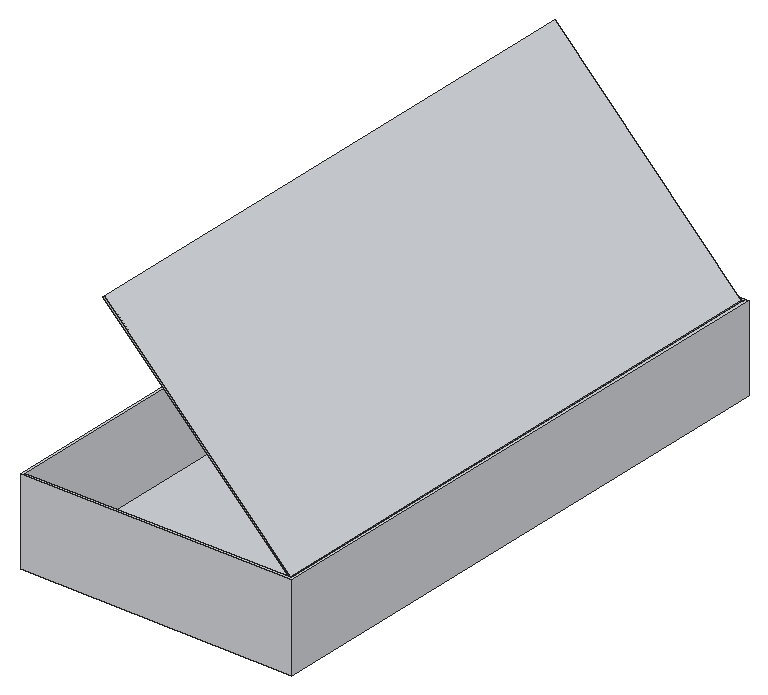
Revit family "Hager-Volta-IP30-Surface_mounted-pusty-PL-pl", category Electrical Equipment, host Face, Revit 2020
Family settings
  Host = Face
  Panel Configuration = Two Columns, Circuits Across
  Round Connector Dimension = Use Diameter
  Part Type = Panelboard
  Cut with Voids When Loaded = No
  Shared = No
  Room Calculation Point = No
Parameters (values of type "Montaż natynkowy IP30 S305 W640 G96.5 12 Jednostki dywizyjne - VA48NWP")
  Width Control [instance] = if([HG000006 - Montaż podtynkowy], if([EF000846 - Szerokość wbudowania] > min_whd, [EF000846 - Szerokość wbudowania], min_whd), if([EF000008 - Szerokość] > min_whd, ([EF000008 - Szerokość]), min_whd))  # 305 mm
  Void Depth [instance] = if([HG000006 - Montaż podtynkowy], Depth Control, 1 mm)  # 1 mm
  Type Comments = [HG000003 - Zakres]  # "Volta"
  System Height [instance] = Height Control - 2 * [HG000005 - Grubość]  # 634 mm
  Model = [HG000004 - Referencja producenta]  # "VA48NWP"
  HG000017 - Odległość między biegunami = 18 mm
  HG000016 - Widoczność drzwi w widoku 3D [instance] = yes
  HG000015 - Przestrzeń robocza - otwarcie drzwi [instance] = no
  HG000014 - Drzwi prawe [instance] = yes
  HG000013 - Drzwi lewe [instance] = not([HG000014 - Drzwi prawe])  # no
  HG000012 - Kąt otwarcia drzwi [instance] = 45.00°
  HG000011 - Puste rzędy od dołu = no
  HG000010 - Drzwi asymetryczne = no
  HG000009 - Drzwi dwuskrzydłowe = no
  HG000008 - Liczba pustych rzędów = 0
  HG000007 - Liczba pustych kolumn = 0
  HG000006 - Montaż podtynkowy = no
  HG000005 - Grubość = 3 mm  # constant formula
  HG000004 - Referencja producenta = "VA48NWP"
  HG000003 - Zakres = "Volta"
  HG000002 - Z drzwiami lub pokrywą = yes
  HG000001 - Liczba kolumn = 0
  EF015941 - Drzwi przepuszczające sygnał = no
  EF015777 - Listwa zaciskowa przewodu neutralnego = no
  EF015776 - Listwa zaciskowa uziemienia = no
  EF009212 - Wykonanie pokrywy = ""
  EF006306 - Z zamkiem = no
  EF006244 - Transparentna pokrywa/drzwi = no
  EF005474 - Stopień ochrony (IP) = "EV006410 - IP30"
  EF004462 - Rodzaj zamknięcia = ""
  EF002950 - Szerokość wyrażona liczbą modułów = 12
  EF001596 - Materiał obudowy = ""
  EF001134 - Szyna DIN = no
  EF001131 - Głębokość wewnętrzna = 0 mm
  EF001088 - Możliwość rozbudowy = no
  EF001062 - Wykonane zgodnie z Dyrektywą Kompatybilności Elektromagnetycznej EMC = no
  EF000846 - Szerokość wbudowania = 0 mm
  EF000339 - Rodzaj pokrywy = ""
  EF000332 - Wysokość wbudowania = 0 mm
  EF000266 - Liczba rzędów = 0
  EF000218 - Głębokość wbudowania = 0 mm
  EF000118 - Z płytą montażową = yes
  EF000116 - Numer RAL = "9010"
  EF000049 - Głębokość = 96 mm
  EF000040 - Wysokość = 640 mm
  EF000008 - Szerokość = 305 mm
  EF000007 - Kolor = ""
  EF000003 - Sposób montażu = "EV000384 - Montaż natynkowy"
  Arrow Offset [instance] = Depth Control / 8  # 12 mm
  Arrow Height [instance] = Depth Control - Arrow Offset  # 84 mm
  Host Offset [instance] = if([HG000006 - Montaż podtynkowy], 0 mm, [EF000049 - Głębokość])  # 96 mm
  min_whd [instance] = (2 * [HG000005 - Grubość]) + 1 mm  # 7 mm
  Manufacturer = "Hager"  # constant formula
  Height Control [instance] = if([HG000006 - Montaż podtynkowy], if([EF000332 - Wysokość wbudowania] > min_whd, [EF000332 - Wysokość wbudowania], min_whd), if([EF000040 - Wysokość] > min_whd, ([EF000040 - Wysokość]), min_whd))  # 640 mm
  Flush Mounted - Door Frame Width [instance] = if(([EF000040 - Wysokość] - [EF000332 - Wysokość wbudowania]) > 0 mm, if([HG000006 - Montaż podtynkowy], [EF000040 - Wysokość] - [EF000332 - Wysokość wbudowania], 0 mm), 0 mm)  # 0 mm
  Depth Control [instance] = if([HG000006 - Montaż podtynkowy], if([EF000218 - Głębokość wbudowania] > 0 mm, [EF000218 - Głębokość wbudowania], 1 mm), if([EF000049 - Głębokość] > 0 mm, ([EF000049 - Głębokość]), 1 mm))  # 96 mm
  Default Elevation = 0 mm
Types (4, lengths in mm): name | System Height | Model | HG000004 - Referencja producenta | EF009212 - Wykonanie pokrywy | EF004462 - Rodzaj zamknięcia | EF001596 - Materiał obudowy | EF001134 - Szyna DIN | EF001131 - Głębokość wewnętrzna | EF001088 - Możliwość rozbudowy | EF000339 - Rodzaj pokrywy | EF000266 - Liczba rzędów | EF000040 - Wysokość | EF000007 - Kolor | Height Control
  Montaż natynkowy IP30 S305 W515 G96.5 12 Jednostki dywizyjne - VA36NWB | 509 | "VA36NWB" | "VA36NWB" | "EV009916 - Z otworem" | "EV000154 - Inne" | "" | no | 0 | yes | "EV004216 - Drzwi" | 0 | 515 | "" | 515
  Montaż natynkowy IP30 S305 W515 G96.5 12 Jednostki dywizyjne - VA36NWP | 509 | "VA36NWP" | "VA36NWP" | "EV009916 - Z otworem" | "EV000154 - Inne" | "EV000154 - Inne" | yes | 92 | yes | "EV004216 - Drzwi" | 3 | 515 | "EV000202 - Biały" | 515
  Montaż natynkowy IP30 S305 W640 G96.5 12 Jednostki dywizyjne - VA48NWB | 634 | "VA48NWB" | "VA48NWB" | "EV009916 - Z otworem" | "EV000154 - Inne" | "" | no | 0 | yes | "EV004216 - Drzwi" | 0 | 640 | "" | 640
  Montaż natynkowy IP30 S305 W640 G96.5 12 Jednostki dywizyjne - VA48NWP | 634 | "VA48NWP" | "VA48NWP" | "" | "" | "" | no | 0 | no | "" | 0 | 640 | "" | 640
Reference planes
  plane 1 "Center (Front/Back)": y = 0
  plane 2: z = 0
  plane 3 "Center (Left/Right)": x = 0
  plane 4: z = 96
  plane 5: y = 3
  plane 6: z = 91
  plane 7: y = 320
  plane 8: y = 0
  plane 9: y = 640
  plane 10: z = 0
  plane 11: x = -152.5
  plane 12: x = 152.5
  plane 13: x = 149.5
  plane 14: x = -149.5
  plane 15: y = 637
  plane 16: z = 3
  plane 17: z = 93
  plane 18: z = -1
  plane 19: z = 93
Forms (mm)
  Extrusion 1, solid
    sketch origin (-583.045, 0, 1219.2) x (-1, 0, 0) y (0, 0, 1)
      loop
        line (-430.545, -1123.2) -> (-735.545, -1123.2) -> (-735.545, -1219.2) -> (-430.545, -1219.2) -> (-430.545, -1123.2)
    from 0 to 640 <- "Height Control"
  Extrusion 2, void
    sketch origin (-381.607, -4572, 96) x (0, -1, 0) y (-1, 0, 0)
      loop
        line (-5209, -232.107) -> (-5209, -531.107) -> (-4575, -531.107) -> (-4575, -232.107) -> (-5209, -232.107)
    from 0 to 93
  Extrusion 3, void
    sketch origin (0, 0, 0) x (1, 0, 0) y (0, 1, 0)
      loop
        line (-152.5, 0) -> (152.5, 0) -> (152.5, 640) -> (-152.5, 640) -> (-152.5, 0)
    from -1 to 1
  Extrusion 4, solid, detail levels coarse+medium
    sketch origin (-381.607, -4572, 96) x (-1, 0, 0) y (0, -1, 0)
      loop
        line (-232.107, -5209) -> (-232.107, -4575) -> (-531.107, -4575) -> (-531.107, -5209) -> (-232.107, -5209)
    from 0 to -3
Cuts and joins
  Extrusion 2 cuts Extrusion 1
Dimensions and locks
  plane 4 to plane 6 = 5 mm
  "Host Offset": plane 4 to host face
  "Flush Mounted - Door Frame Width": plane 1 "Center (Front/Back)" to plane 8
  "HG000005 - Grubość": plane 5 to plane 8
  locked: connector elem to plane 3 "Center (Left/Right)"
  "Height Control": plane 9 to plane 8
  equal spacing: plane 9, plane 7, plane 8
  locked: connector elem to plane 7
  "Depth Control": plane 4 to plane 10
  "HG000005 - Grubość": plane 11 to plane 14
  "HG000005 - Grubość": plane 12 to plane 13
  equal spacing: plane 11, plane 3 "Center (Left/Right)", plane 12
  "Width Control": plane 11 to plane 12
  "Arrow Offset": nested 4 to plane 10
  "HG000005 - Grubość": plane 9 to plane 15
  "HG000005 - Grubość": plane 16 to plane 10
  "HG000005 - Grubość": plane 4 to plane 17
  "Void Depth": plane 2 to plane 18
  "HG000005 - Grubość": plane 4 to plane 19
  aligned and locked: plane 2 to host face
  aligned and locked: level to host face
  aligned and locked: plane 3 "Center (Left/Right)" to nested 2
  aligned and locked: plane 4 to nested 2
  aligned and locked: nested 2 to plane 8
  aligned and locked: nested 1 to plane 6
  aligned and locked: plane 5 to nested 1
  aligned and locked: nested 4 to plane 11
  aligned and locked: nested 3 to plane 4
  aligned and locked: Extrusion 1 sketch curve to plane 12
  aligned and locked: Extrusion 1 sketch curve to plane 11
  aligned and locked: nested 3 to plane 10
  aligned and locked: plane 10 to Extrusion 1 sketch curve
  aligned and locked: plane 5 to Extrusion 2 sketch curve
  aligned and locked: Extrusion 2 sketch curve to plane 15
  aligned and locked: Extrusion 2 sketch curve to plane 14
  aligned and locked: Extrusion 2 sketch curve to plane 13
  aligned and locked: plane 11 to Extrusion 3 sketch curve
  aligned and locked: plane 9 to Extrusion 3 sketch curve
  aligned and locked: Extrusion 3 sketch curve to plane 8
  aligned and locked: plane 12 to Extrusion 3 sketch curve
  aligned and locked: nested 3 to plane 12
  aligned and locked: Extrusion 3 to plane 18
  aligned and locked: Extrusion 2 to plane 16
  aligned and locked: Extrusion 1 sketch curve to plane 4
  aligned and locked: Extrusion 4 to plane 17
  aligned and locked: Extrusion 4 sketch curve to plane 15
  aligned and locked: Extrusion 4 sketch curve to plane 13
  aligned and locked: Extrusion 4 sketch curve to plane 14
  aligned and locked: plane 5 to Extrusion 4 sketch curve
Automatic sketch dimensions
  host sketch curve to host sketch curve = 1469.727 mm
  host sketch curve to host sketch curve = 1434.803 mm
Nested families
  nested 1: "Hager_Enclosure_System" at (0, 3, 91) x (1, 0, 0) z (0, 1, 0), Depth <- "HG000005 - Grubość", Height <- "System Height", Width <- "EF000008 - Szerokość", Border <- "HG000005 - Grubość", Flush_Mounted <- "HG000006 - Montaż podtynkowy", Built-in_Width <- "EF000846 - Szerokość wbudowania", Row_Module_Multiplicator <- "EF002950 - Szerokość wyrażona liczbą modułów", Total_No_Empty_Rows <- "HG000008 - Liczba pustych rzędów", Total_No_Rows <- "EF000266 - Liczba rzędów", Empty_Columns <- "HG000007 - Liczba pustych kolumn", Width_Control <- "Width Control", Empty_Rows_From_Bottom <- "HG000011 - Puste rzędy od dołu", Distance_Between_Poles <- "HG000017 - Odległość między biegunami", Rows_Count <- "EF000266 - Liczba rzędów", Columns_Count <- "HG000001 - Liczba kolumn", type "Hager_Enclosure_System", detail levels fine
    with Width_Control 305 mm, Width 305 mm, Total_No_Rows 0, Total_No_Empty_Rows 0, Total_No_Columns 1, System_Width 299 mm, Rows_Count 0, Rows_Column 0, Row_Module_Multiplicator 12, Panel_4 no, Panel_3 no, Panel_2 no, Panel_1 no, No_Panels_Ctrl 1, Hide_Columns yes, Height 634 mm, Flush_Mounted no, Empty_Rows_From_Bottom no, Empty_Rows_Column 0, Empty_Columns 0, Distance_Between_Poles 18 mm, Depth 3 mm, Columns_Count 0, Column_Width 299 mm, Built-in_Width 0 mm, Border 3 mm
  nested 2: "Hager_Enclosure_Door" at (0, 0, 96) x (1, 0, 0) z (0, 1, 0), Border <- "HG000005 - Grubość", Door_Right <- "HG000014 - Drzwi prawe", Flush_Mounted <- "HG000006 - Montaż podtynkowy", Depth <- "EF000049 - Głębokość", Width <- "EF000008 - Szerokość", Door_Left <- "HG000013 - Drzwi lewe", 3d_Door <- "HG000016 - Widoczność drzwi w widoku 3D", BuiltIn_Width <- "EF000846 - Szerokość wbudowania", BuiltIn_Height <- "EF000332 - Wysokość wbudowania", BuiltIn_Depth <- "EF000218 - Głębokość wbudowania", Angle <- "HG000012 - Kąt otwarcia drzwi", Assymetrical <- "HG000010 - Drzwi asymetryczne", Double <- "HG000009 - Drzwi dwuskrzydłowe", Clearance <- "HG000015 - Przestrzeń robocza - otwarcie drzwi", Transparent <- "EF006244 - Transparentna pokrywa/drzwi", Door <- "HG000002 - Z drzwiami lub pokrywą", Height_Ctrl <- "Height Control", Width_Ctrl <- "Width Control", Height <- "EF000040 - Wysokość", type "Hager_Enclosure_Door", detail levels medium+fine
    with min_wh 7 mm, Width_Ctrl 305 mm, Width 305 mm, Transparent_Door_No_Bottom_Border no, Transparent no, Leaf_Width 296 mm, Leaf_Tolerance 1.5 mm, Leaf_Height 631 mm, Leaf_2_Width 296 mm, Leaf_2_Offset 148 mm, Leaf_1_Width 296 mm, Leaf_1_Offset 148 mm, Height_Ctrl 640 mm, Height 640 mm, Frame_Width_Ctrl 305 mm, Frame_Width 305 mm, Frame_Internal_Offset 0 mm, Frame_Height_Ctrl 640 mm, Frame_Height 640 mm, Frame_Depth_Ctrl 1 mm, Frame_Depth 0 mm, Flush_Mounted no, Double_Clearance_Ctrl no, Double no, Door_Right_Ctrl yes, Door_Right yes, Door_Left_Ctrl no, Door_Left no, Door yes, Depth 96 mm, Clearance_Depth 296 mm, Clearance_Ctrl no, Clearance no, BuiltIn_Width 0 mm, BuiltIn_Height 0 mm, BuiltIn_Depth 0 mm, Border 3 mm, Assymetrical no, Angle 45.00°, 3d_Door yes
  nested 3: "Hager_Enclosure_Symbol_Triangle" at (-152.5, 0, 0) x (1, 0, 0) z (0, -1, 0), Depth <- "Depth Control", Width <- "Width Control", type "Hager_Enclosure_Symbol_Triangle"
    with Width_Ctrl 305 mm, Width 305 mm, Depth_Ctrl 96 mm, Depth 96 mm
  nested 4: "Hager_Enclosure_Symbol_Arrow" at (-152.5, 0, 12) x (1, 0, 0) z (0, -1, 0), Height <- "Arrow Height", type "Hager_Enclosure_Symbol_Arrow"
    with Width_Inside 6.3 mm, Width 75.6 mm, Height_Ctrl 84 mm, Height 84 mm
Connectors
  electrical at (0, 320, 0)
    settings: on plane 10, index 1, voltage 0 V, apparent load 0 VA, apparent load phase1 0 VA, apparent load phase2 0 VA, apparent load phase3 0 VA, power factor 1, load classification "Other", number of poles 1, system type 30, power factor state 1, is connector primary yes, connector utility no, sub classification motor no, connector description ""
Definition of nested family "Hager_Enclosure_Door"
  Parameters (values of type "Hager_Enclosure_Door")
    min_wh [instance] = (2 * Border) + 1 mm  # 11 mm
    Width_Ctrl [instance] = 400 mm
    Width [instance] = 500 mm
    Transparent_Door_No_Bottom_Border [instance] = no
    Transparent [instance] = yes
    Leaf_Width [instance] = if((Width_Ctrl - 2 * Border - 2 * Leaf_Tolerance) > 0 mm, (Width_Ctrl - 2 * Border - 2 * Leaf_Tolerance), min_wh)  # 387 mm
    Leaf_Tolerance [instance] = 1.5 mm  # constant formula
    Leaf_Height [instance] = if((Height_Ctrl - 2 * Border - 2 * Leaf_Tolerance) > 0 mm, (Height_Ctrl - 2 * Border - 2 * Leaf_Tolerance), min_wh)  # 387 mm
    Leaf_2_Width [instance] = if(and(and(Double, Assymetrical), Door_Left), (Leaf_Width / 3) - (Leaf_Tolerance / 2), if(and(and(Double, Assymetrical), Door_Right), (Leaf_Width / 3) * 2 - (Leaf_Tolerance / 2), if(and(Double, not(Assymetrical)), (Leaf_Width / 2) - Leaf_Tolerance, Leaf_Width)))  # 387 mm
    Leaf_2_Offset [instance] = if(and(Double, Assymetrical), Leaf_2_Width / 2, if(and(Double, not(Assymetrical)), Leaf_Width / 4, Leaf_Width / 2))  # 193.5 mm
    Leaf_1_Width [instance] = if(and(and(Double, Assymetrical), Door_Right), (Leaf_Width / 3) - (Leaf_Tolerance / 2), if(and(and(Double, Assymetrical), Door_Left), (Width / 3) * 2 - (Leaf_Tolerance / 2), if(and(Double, not(Assymetrical)), (Leaf_Width / 2) - Leaf_Tolerance, Leaf_Width)))  # 387 mm
    Leaf_1_Offset [instance] = if(and(Double, Assymetrical), Leaf_1_Width / 2, if(and(Double, not(Assymetrical)), Leaf_Width / 4, Leaf_Width / 2))  # 193.5 mm
    Height_Ctrl [instance] = 400 mm
    Height [instance] = 500 mm
    Frame_Width_Ctrl [instance] = if(Frame_Width > 0 mm, Frame_Width, 1 mm)  # 1 mm
    Frame_Width [instance] = Width - BuiltIn_Width  # 0 mm
    Frame_Internal_Offset [instance] = if(Flush_Mounted, Border, 0 mm)  # 5 mm
    Frame_Height_Ctrl [instance] = if(Frame_Height > 0 mm, Frame_Height, 1 mm)  # 1 mm
    Frame_Height [instance] = Height - BuiltIn_Height  # 0 mm
    Frame_Depth_Ctrl [instance] = if(Frame_Depth > 0 mm, Frame_Depth, 1 mm)  # 1 mm
    Frame_Depth [instance] = if(Depth - BuiltIn_Depth > 0 mm, if(Flush_Mounted, Depth - BuiltIn_Depth, 0 mm), 0 mm)  # 0 mm
    Flush_Mounted [instance] = yes
    Double_Clearance_Ctrl [instance] = and(Double, Clearance)  # no
    Double [instance] = no
    Door_Right_Ctrl [instance] = and(or(Door_Right, Double), Door)  # yes
    Door_Right [instance] = yes
    Door_Left_Ctrl [instance] = and(or(Door_Left, Double), Door)  # no
    Door_Left [instance] = no
    Door [instance] = yes
    Depth [instance] = 500 mm
    Default Elevation = 1219.2 mm
    Clearance_Material = none
    Clearance_Depth [instance] = if(Leaf_1_Width > Leaf_2_Width, Leaf_1_Width, Leaf_2_Width)  # 387 mm
    Clearance_Ctrl [instance] = and(not(Double), Clearance)  # yes
    Clearance [instance] = yes
    BuiltIn_Width [instance] = 500 mm
    BuiltIn_Height [instance] = 500 mm
    BuiltIn_Depth [instance] = 500 mm
    Border [instance] = 5 mm
    Assymetrical [instance] = yes
    Angle [instance] = 30.00°
    3d_Door [instance] = yes
  Reference planes
    plane 1 "Center (Front/Back)": y = 0
    plane 2 "Bottom": z = 0
    plane 3 "Center (Left/Right)": x = 0
    plane 4: z = 400
    plane 5: x = -200
    plane 6: x = 200
    plane 7: z = 395
    plane 8: x = -195
    plane 9: z = 5
    plane 10: x = 195
    plane 11: y = 0
    plane 12: z = 6.5
    plane 13: x = -582
    plane 14: y = -387
    plane 15: x = 582
    plane 16: x = 0
    plane 17: x = 0
    plane 18: x = -193.5
    plane 19: x = 193.5
    plane 20: z = 393.5
  Forms (mm)
    Extrusion 1, solid, visible <- "Flush_Mounted"
      sketch origin (0, 0, 0) x (1, 0, 0) y (0, 0, 1)
        loop
          line (195, 5) -> (195, 395) -> (-195, 395) -> (-195, 5) -> (195, 5)
        loop
          line (-201, 401) -> (-201, -1) -> (201, -1) -> (201, 401) -> (-201, 401)
      from 0 to 1 <- "Frame_Depth_Ctrl"
    Extrusion 2, solid, material <- "Clearance_Material", visible <- "Double_Clearance_Ctrl"
      sketch origin (1200, 0, 0) x (1, 0, 0) y (0, 0, -1)
        loop
          line (-1782, -393.5) -> (-618, -393.5) -> (-618, 0) -> (-1782, 0) -> (-1782, -393.5)
      from 0 to -387
  Dimensions and locks
    equal spacing: plane 5, plane 3 "Center (Left/Right)", plane 6
    "Width_Ctrl": plane 5 to plane 6
    "Border": plane 5 to plane 8
    "Border": plane 6 to plane 10
    "Border": plane 9 to level
    "Border": plane 4 to plane 7
    "Height_Ctrl": plane 4 to level
    "Leaf_Tolerance": plane 12 to plane 9
    "Frame_Depth": plane 11 to plane 1 "Center (Front/Back)"
    "Frame_Width_Ctrl": plane 5 to Extrusion 1 sketch curve
    "Frame_Width_Ctrl": plane 6 to Extrusion 1 sketch curve
    "Frame_Width_Ctrl": Extrusion 1 sketch curve to plane 4
    "Frame_Width_Ctrl": plane 2 "Bottom" to Extrusion 1 sketch curve
    "Leaf_1_Offset": plane 18 to plane 16
    "Leaf_2_Offset": plane 17 to plane 19
    "Leaf_1_Width": plane 13 to plane 8
    "Leaf_2_Width": plane 10 to plane 15
    "Clearance_Depth": plane 14 to plane 1 "Center (Front/Back)"
    "Leaf_Tolerance": plane 8 to plane 18
    "Leaf_Tolerance": plane 19 to plane 10
    "Leaf_Tolerance": plane 7 to plane 20
    "Frame_Internal_Offset": plane 5 to Extrusion 1 sketch curve
    "Frame_Internal_Offset": Extrusion 1 sketch curve to plane 2 "Bottom"
    "Frame_Internal_Offset": plane 6 to Extrusion 1 sketch curve
    "Frame_Internal_Offset": plane 4 to Extrusion 1 sketch curve
    aligned and locked: level to plane 2 "Bottom"
    aligned and locked: nested 1 to plane 16
    aligned and locked: nested 2 to plane 17
    aligned and locked: Extrusion 2 to plane 13
    aligned and locked: plane 15 to Extrusion 2
    aligned and locked: Extrusion 2 to plane 14
    aligned and locked: plane 12 to nested 1
    aligned and locked: nested 2 to plane 12
    aligned and locked: Extrusion 2 to plane 11
    aligned and locked: plane 20 to Extrusion 2
    aligned and locked: nested 2 to plane 11
    aligned and locked: nested 1 to plane 11
  Automatic sketch dimensions
    Extrusion 2 sketch curve to level = 0 mm
    plane 5 to Extrusion 2 sketch curve = 382 mm
    plane 6 to Extrusion 2 sketch curve = 382 mm
    Extrusion 2 sketch curve to plane 4 = 6.5 mm
  Nested families
    nested 1: "Hager_Enclosure_Door_Leaf" at (0, 0, 6.5), Width <- "Leaf_1_Width", visible <- "Door_Left_Ctrl", Leaf_Height <- "Leaf_Height", Angle <- "Angle", Depth <- "Border", 3d_Door <- "3d_Door", Transparent <- "Transparent", Clearance Material <- "Clearance_Material", Clearance <- "Clearance_Ctrl", Transparent_Door_No_Bottom_Border <- "Transparent_Door_No_Bottom_Border", type "Hager_Enclosure_Door_Leaf"
      with Width 387 mm, Transparent_Door_No_Bottom_Border no, Transparent_Door_Border_Bottom_Top 25 mm, Transparent_Door_Border 25 mm, Transparent_Ctrl yes, Transparent yes, Standard no, Leaf_Height 387 mm, Glass_Offset 1 mm, Depth 5 mm, Clearance Material none, Clearance yes, Angle_Ctrl 30.00°, Angle 30.00°, 3d_Door yes
    nested 2: "Hager_Enclosure_Door_Leaf" at (0, 0, 6.5) x (-1, 0, 0) z (0, 0, 1), Width <- "Leaf_2_Width", visible <- "Door_Right_Ctrl", Leaf_Height <- "Leaf_Height", Angle <- "Angle", Depth <- "Border", 3d_Door <- "3d_Door", Transparent <- "Transparent", Clearance Material <- "Clearance_Material", Clearance <- "Clearance_Ctrl", Transparent_Door_No_Bottom_Border <- "Transparent_Door_No_Bottom_Border", type "Hager_Enclosure_Door_Leaf"
      with Width 387 mm, Transparent_Door_No_Bottom_Border no, Transparent_Door_Border_Bottom_Top 25 mm, Transparent_Door_Border 25 mm, Transparent_Ctrl yes, Transparent yes, Standard no, Leaf_Height 387 mm, Glass_Offset 1 mm, Depth 5 mm, Clearance Material none, Clearance yes, Angle_Ctrl 30.00°, Angle 30.00°, 3d_Door yes
  Definition of nested family "Hager_Enclosure_Door_Leaf"
    Parameters (values of type "Hager_Enclosure_Door_Leaf")
      Width [instance] = 2000 mm
      Transparent_Door_No_Bottom_Border [instance] = yes
      Transparent_Door_Border_Bottom_Top [instance] = if(Transparent_Door_No_Bottom_Border, 0.1 mm, Transparent_Door_Border)  # 0.1 mm
      Transparent_Door_Border [instance] = if(Transparent_Door_No_Bottom_Border, (Width * 0.12), 25 mm)  # 240 mm
      Transparent_Ctrl [instance] = and(Transparent, [3d_Door])  # yes
      Transparent [instance] = yes
      Standard [instance] = and(not(Transparent), [3d_Door])  # no
      Leaf_Height [instance] = 2720.336 mm
      Glass_Offset [instance] = if((Depth - 10 mm) / 2 > 0 mm, (Depth - 10 mm) / 2, 1 mm)  # 15 mm
      Glass_Material = none
      Depth [instance] = 40 mm
      Default Elevation = 0 mm
      Clearance Material [instance] = none
      Clearance [instance] = yes
      Angle_Ctrl [instance] = if(Angle > 170.00°, 170.00°, Angle)  # 45.00°
      Angle [instance] = 45.00°
      3d_Door [instance] = yes
    Reference planes
      plane 1 "Center (Front/Back)": y = 0
      plane 2: z = 0
      plane 3 "Center (Left/Right)": x = 0
      plane 4: y = 2000
      plane 5: x = -1000
      plane 6: x = 1000
      plane 7: x = -3000
      plane 8: z = 2720.336
      plane 9: z = 0.1
      plane 10: z = 2720.236
      plane 11: x = 760
      plane 12: x = -760
    Forms (mm)
      Extrusion 1, solid, material <- "Clearance Material", visible <- "Clearance"
        sketch origin (0, 0, 0) x (1, 0, 0) y (0, 0, 1)
          loop
            line (-3000, 2720.336) -> (-3000, 0) -> (1000, 0) -> (1000, 2720.336) -> (-3000, 2720.336)
        from 0 to -2000
      Extrusion 2, solid, visible <- "Standard", detail levels medium+fine
        sketch origin (-1000, 0, 0) x (0.707107, 0.707107, 0) y (-0.707107, 0.707107, 0)
          loop
            line (0, -40) -> (2000, -40) -> (2000, 0) -> (0, 0) -> (0, -40)
        from 0 to 2720.336 <- "Leaf_Height"
      Extrusion 3, solid, visible <- "Transparent_Ctrl", detail levels medium+fine
        sketch origin (-1000, 0, 0) x (0.707107, 0.707107, 0) y (-0.707107, 0.707107, 0)
          loop
            line (0, -40) -> (2000, -40) -> (2000, 0) -> (0, 0) -> (0, -40)
        from 0 to 2720.336 <- "Leaf_Height"
      Extrusion 4, void, detail levels medium+fine
        sketch origin (-1000, 0, 0) x (-0.707107, 0.707107, 0) y (0.707107, 0.707107, 0)
          loop
            line (0, 240) -> (0, 1760) -> (-40, 1760) -> (-40, 240) -> (0, 240)
        from -2720.236 to -0.1
      Extrusion 5, solid, material <- "Glass_Material", visible <- "Transparent_Ctrl", detail levels medium+fine
        sketch origin (-1000, 0, 0) x (0.707107, 0.707107, 0) y (-0.707107, 0.707107, 0)
          loop
            line (240, -15) -> (240, -25) -> (1760, -25) -> (1760, -15) -> (240, -15)
        from 0.1 to 2720.236
    Cuts and joins
      Extrusion 4 cuts Extrusion 3
    Lines and regions (mm)
      symbolic lines
        curve 1: line (1000, 0, 0) -> (-3000, 0, 0)
        curve 2: arc (1000, 0, 0) -> (-1000, 2000, 0) -> (-3000, 0, 0) r 2000
        curve 4: line (-1000, 0, 0) -> (414.214, 1414.214, 0)
      reference lines
        curve 3: line (-1000, 0, 0) -> (414.214, 1414.214, 0)
      symbolic lines, detail levels medium+fine
        curve 5: line (414.214, 1414.214, 0) -> (442.498, 1385.929, 0)
        curve 6: line (442.498, 1385.929, 0) -> (-971.716, -28.284, 0)
        curve 7: line (-971.716, -28.284, 0) -> (-1000, 0, 0)
        curve 8: line (-1000, 0, 2720.336) -> (1000, 0, 2720.336)
        curve 9: line (-1000, 0, 0) -> (-1000, 0, 2720.336)
        curve 10: line (1000, 0, 0) -> (-1000, 0, 0)
        curve 11: line (1000, 0, 2720.336) -> (1000, 0, 0)
      symbolic lines, visible <- "Transparent_Ctrl", detail levels medium+fine
        curve 12: line (-760, 0, 2720.236) -> (760, 0, 2720.236)
        curve 13: line (-760, 0, 0.1) -> (-760, 0, 2720.236)
        curve 14: line (760, 0, 0.1) -> (-760, 0, 0.1)
        curve 15: line (760, 0, 2720.236) -> (760, 0, 0.1)
    Dimensions and locks
      "Width": plane 1 "Center (Front/Back)" to plane 4
      equal spacing: plane 5, plane 3 "Center (Left/Right)", plane 6
      "Width": plane 5 to plane 6
      "Width": plane 7 to plane 5
      "Leaf_Height": plane 8 to level
      "Depth": curve 6 to curve 3
      "Width": curve 5 to curve 3
      "Width": curve 3 to curve 3
      "Transparent_Door_Border": Extrusion 4 sketch curve to curve 7
      "Transparent_Door_Border": Extrusion 4 sketch curve to curve 5
      "Transparent_Door_Border_Bottom_Top": plane 8 to plane 10
      "Transparent_Door_Border_Bottom_Top": plane 9 to level
      "Glass_Offset": Extrusion 5 sketch curve to curve 4
      "Glass_Offset": Extrusion 5 sketch curve to curve 6
      "Transparent_Door_Border": Extrusion 5 sketch curve to curve 5
      "Transparent_Door_Border": Extrusion 5 sketch curve to curve 7
      "Transparent_Door_Border": plane 12 to plane 5
      "Transparent_Door_Border": plane 6 to plane 11
      "Angle_Ctrl": angle plane 1 "Center (Front/Back)" to curve 3
      aligned and locked: level to plane 2
      aligned and locked: Extrusion 1 to curve 1
      aligned and locked: plane 6 to Extrusion 1
      aligned and locked: Extrusion 1 to plane 1 "Center (Front/Back)"
      aligned and locked: plane 4 to Extrusion 1
      aligned and locked: plane 8 to Extrusion 1
      aligned and locked: curve 4 to curve 3
      aligned and locked: Extrusion 2 sketch curve to curve 7
      aligned and locked: Extrusion 2 sketch curve to curve 6
      aligned and locked: Extrusion 2 sketch curve to curve 5
      aligned and locked: Extrusion 2 sketch curve to curve 3
      aligned and locked: curve 7 to Extrusion 3 sketch curve
      aligned and locked: Extrusion 3 sketch curve to curve 4
      aligned and locked: Extrusion 3 sketch curve to curve 6
      aligned and locked: Extrusion 3 sketch curve to curve 5
      aligned and locked: curve 4 to Extrusion 4 sketch curve
      aligned and locked: curve 6 to Extrusion 4 sketch curve
      aligned and locked: Extrusion 4 to plane 9
      aligned and locked: Extrusion 4 to plane 10
      aligned and locked: Extrusion 5 to plane 9
      aligned and locked: Extrusion 5 to plane 10
      aligned and locked: curve 8 to plane 8
      aligned and locked: plane 5 to curve 9
      aligned and locked: plane 2 to curve 10
      aligned and locked: curve 11 to plane 6
      aligned and locked: plane 10 to curve 12
      aligned and locked: plane 12 to curve 13
      aligned and locked: curve 14 to plane 9
      aligned and locked: plane 11 to curve 15
    Automatic sketch dimensions
      plane 1 "Center (Front/Back)" to curve 2 = 0 mm
      curve 2 to plane 5 = 0 mm
      Extrusion 1 sketch curve to level = 0 mm
      Extrusion 1 sketch curve to plane 7 = 0 mm
      Extrusion 1 sketch curve to plane 6 = 0 mm
      Extrusion 1 sketch curve to plane 8 = 0 mm
      plane 1 "Center (Front/Back)" to curve 3 = 0 mm
      curve 3 to plane 5 = 0 mm
      curve 7 to curve 3 = 0 mm
Definition of nested family "Hager_Enclosure_Symbol_Triangle"
  Parameters (values of type "Hager_Enclosure_Symbol_Triangle")
    Width_Ctrl [instance] = if(Width > 1 mm, Width, 1 mm)  # 498 mm
    Width [instance] = 498 mm
    Depth_Ctrl [instance] = if(Depth > 1 mm, Depth, 1 mm)  # 72 mm
    Depth [instance] = 72 mm
  Reference planes
    plane 1 "Centre (avant/arrière)": y = 0
    plane 2: z = 0
    plane 3 "Centre (gauche/droite)": x = 0
  Lines and regions (mm)
    Filled region 1, type "Solid_Black", in view "Niveau de réf."
      outline origin (0, 0, 0) x (1, 0, 0) y (0, 1, 0)
        loop
          line (0, 0) -> (498, 0) -> (498, 72) -> (0, 0)
    reference lines, in view "Niveau de réf."
      curve 1: line (-206.153, 72, 0) -> (1083.258, 72, 0)
      curve 2: line (498, 405.456, 0) -> (498, -517.619, 0)
  Dimensions and locks
    "Depth_Ctrl": plane 1 "Centre (avant/arrière)" to curve 1
    "Width_Ctrl": plane 3 "Centre (gauche/droite)" to curve 2
    aligned and locked: curve 1 to Filled region 1 sketch curve
    aligned and locked: Filled region 1 sketch curve to plane 1 "Centre (avant/arrière)"
    aligned and locked: curve 2 to Filled region 1 sketch curve
    aligned and locked: plane 3 "Centre (gauche/droite)" to Filled region 1 sketch curve
    aligned and locked: plane 1 "Centre (avant/arrière)" to Filled region 1 sketch curve
  Automatic sketch dimensions
    curve 1 to plane 3 "Centre (gauche/droite)" = 206.153 mm
    curve 2 to curve 1 = 585.258 mm
    plane 1 "Centre (avant/arrière)" to curve 2 = 517.619 mm
    curve 2 to plane 1 "Centre (avant/arrière)" = 405.456 mm
Definition of nested family "Hager_Enclosure_Symbol_Arrow"
  Parameters (values of type "Hager_Enclosure_Symbol_Arrow")
    Width_Inside [instance] = if(Width / 12 > 2 mm, Width / 12, 2 mm)  # 4.987 mm
    Width [instance] = if(Height_Ctrl * 0.9 > 2 mm, Height_Ctrl * 0.9, 2 mm)  # 59.85 mm
    Height_Ctrl [instance] = if(Height > 2 mm, Height, 2 mm)  # 66.5 mm
    Height [instance] = 66.5 mm
  Reference planes
    plane 1 "Centre (avant/arrière)": y = 0
    plane 2: z = 0
    plane 3 "Centre (gauche/droite)": x = 0
    plane 4: x = 59.85
    plane 5: y = 28.263
    plane 6: y = 38.238
    plane 7: y = 66.5
    plane 8: x = 29.925
    plane 9: y = 33.25
  Lines and regions (mm)
    Filled region 1, type "Solid_Black", in view "Niveau de réf."
      outline origin (0, 0, 0) x (1, 0, 0) y (0, 1, 0)
        loop
          line (59.85, 66.5) -> (37.929, 52.827) -> (51.846, 41.935) -> (59.85, 66.5)
    detail lines, in view "Niveau de réf."
      curve 1: line (0, 0, 0) -> (29.925, 38.238, 0)
      curve 2: line (29.925, 38.238, 0) -> (29.925, 28.263, 0)
      curve 3: line (29.925, 28.263, 0) -> (59.85, 66.5, 0)
  Dimensions and locks
    "Width": plane 3 "Centre (gauche/droite)" to plane 4
    "Height_Ctrl": plane 7 to plane 1 "Centre (avant/arrière)"
    equal spacing: plane 3 "Centre (gauche/droite)", plane 8, plane 4
    equal spacing: plane 7, plane 9, plane 1 "Centre (avant/arrière)"
    equal spacing: plane 6, plane 9, plane 5
    "Width_Inside": plane 6 to plane 9
    equal spacing: curve 3, Filled region 1 sketch curve, Filled region 1 sketch curve
    angle Filled region 1 sketch curve to curve 3 = 20.00°
    angle curve 3 to Filled region 1 sketch curve = 20.00°
    locked: curve 3 to Filled region 1 sketch curve (angle 90.00°)
  Automatic sketch dimensions
    plane 1 "Centre (avant/arrière)" to curve 1 = 0 mm
    curve 1 to plane 3 "Centre (gauche/droite)" = 0 mm
    curve 2 to plane 6 = 0 mm
    curve 3 to plane 8 = 0 mm
    curve 3 to plane 4 = 0 mm
    curve 2 to plane 5 = 0 mm
    curve 3 to plane 7 = 0 mm
    Filled region 1 sketch curve to plane 4 = 0 mm
    Filled region 1 sketch curve to plane 7 = 0 mm
